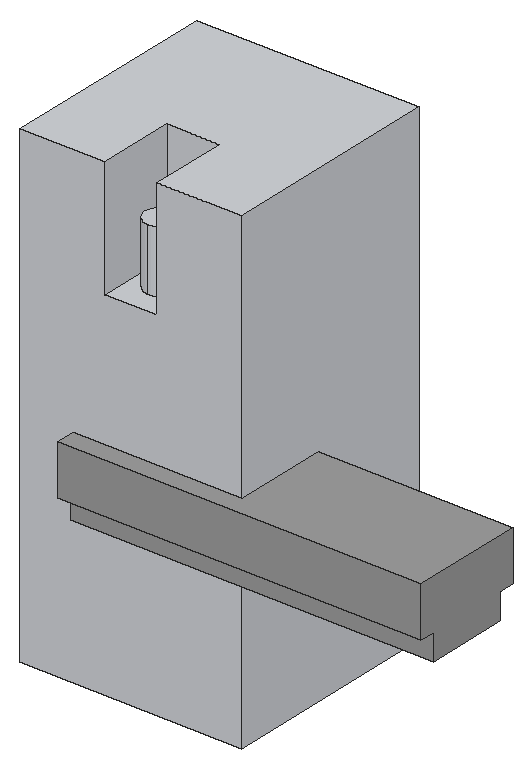
Revit family "Alcon - 15100_Square Spot-Linear", category Generic Models, host Face, Revit 2025
Family settings
  Host = Face
  Can host rebar = No
  Round Connector Dimension = Use Diameter
  Part Type = Normal
  Cut with Voids When Loaded = No
  Maintain Annotation Orientation = No
  Shared = No
  Room Calculation Point = No
Parameters
  URL = "https://www.alconlighting.com/"
  Product Page = ""
  Model = "15100 Square Spot"
  Manufacturer = "Alcon Lighting"
  HOUSING = Default
  Fixture Rotation = 90.00°
  Default Elevation = 4' - 0"
Reference planes (in)
  plane 1 "Center (Front/Back)": y = 0
  plane 2: z = 0
  plane 3 "Center (Left/Right)": x = 0
Forms (in)
  Extrusion 1, solid, material "Default" <- "HOUSING"
    sketch origin (-0.64495, -6.99033, 6.35123) x (0, -1, 0) y (0, 0, -1)
      loop
        line (-6.34033, 5.36282) -> (-6.34033, 5.93211) -> (-6.51937, 5.93211) -> (-6.51937, 6.23212) -> (-7.46129, 6.23212) -> (-7.46129, 5.93211) -> (-7.64033, 5.93211) -> (-7.64033, 5.36282) -> (-6.34033, 5.36282)
    from 0 to 4.13
  Extrusion 2, solid
    sketch origin (-0.64495, -0.65, 0.98841) x (0, 1, 0) y (-1, 0, 0)
      loop
        circle (0.65, -0.64495) r 0.17498
    from 0 to 2.23276
Lines and regions (in)
  reference lines
    curve 1: line (0, -2.5244, 2.86437) -> (0, 2.83495, 2.86437)
Dimensions and locks (in)
  "Fixture Rotation": angle nested 1 to curve 1
  aligned and locked: plane 2 to host face
  aligned and locked: level to host face
Automatic sketch dimensions
  host sketch curve to host sketch curve = 8' - 0"  (x2)
  Extrusion 1 sketch curve to plane 1 "Center (Front/Back)" = 0' - 0.65"
  level to Extrusion 1 sketch curve = 0' - 0.11911"
  Extrusion 1 sketch curve to Extrusion 1 sketch curve = 0' - 0.17904"  (x2)
  plane 1 "Center (Front/Back)" to Extrusion 1 sketch curve = 0' - 0.47096"
  Extrusion 1 sketch curve to Extrusion 1 sketch curve = 0' - 0.30001"  (x2)
  Extrusion 1 sketch curve to Extrusion 1 sketch curve = 0' - 0.56929"
  Extrusion 2 sketch curve to Extrusion 1 = 0' - 0.65"
  Extrusion 1 to Extrusion 2 sketch curve = 0' - 0.64495"
  plane 1 "Center (Front/Back)" to curve 1 = 0' - 2.5244"
  level to curve 1 = 0' - 2.86437"
  curve 1 to plane 1 "Center (Front/Back)" = 0' - 2.83495"
  radius of Extrusion 2 sketch curve = 0' - 0.17498"
Nested families (in)
  nested 1: "Alcon - 15100_Squarel Spot-Linear" at (0, 0, 2.86437) x (0, 0, 1) z (1, 0, 0), type "Alcon - 15100_Squarel Spot-Linear"
    with built-in parameter 1001306 0.1875 (stored number, unit not read)
Definition of nested family "Alcon - 15100_Squarel Spot-Linear"
  Parameters (values of type "Alcon - 15100_Squarel Spot-Linear")
    Wattage = 9.2903 W
    built-in parameter 1150110 = 1 (stored number, unit not read)
    built-in parameter 1114217 = 1 (stored number, unit not read)
    Tilt Angle = 60.00°
    built-in parameter 1150109 = 1 (stored number, unit not read)
    built-in parameter 1150134 = 3
    built-in parameter 1150113 = 1 (stored number, unit not read)
    built-in parameter 1010507 = 1.5708 (stored number, unit not read)
    built-in parameter 1010506 = 0.5236 (stored number, unit not read)
    built-in parameter 1150105 = 4614.1 (stored number, unit not read)
    Lumens = 1380 lm
    built-in parameter 1150115 = 1 (stored number, unit not read)
    Light Source Symbol Length = 10' - 0"
    built-in parameter 1150137 = (empty or 0)
    built-in parameter 1150139 = (empty or 0)
    Lens = none
    built-in parameter 1001306 [instance] = 4' - 0"
    built-in parameter 1150112 = 1 (stored number, unit not read)
    built-in parameter 1150114 = 1 (stored number, unit not read)
    built-in parameter 1150132 = (empty or 0)
    built-in parameter 1150102 = (empty or 0)
    built-in parameter 1150107 = 3200 (stored number, unit not read)
    built-in parameter 1150138 = (empty or 0)
    built-in parameter 1150106 = 46.141 (stored number, unit not read)
    Housing = none
    built-in parameter 1150104 = 13.8 (stored number, unit not read)
    Dimming Lamp Color Temperature Shift = (empty or 0)
    Default Elevation = 0' - 0"
    Color Filter = 16777215
    built-in parameter 1114218 = 1 (stored number, unit not read)
    built-in parameter 1150133 = 10 (stored number, unit not read)
  Reference planes (in)
    plane 1 "Center (Front/Back)": y = 0
    plane 2: z = 0
    plane 3 "Left": x = 0
    plane 4 "Right": x = 48
  Forms (in)
    Extrusion 1, solid, material <- "Housing"
      sketch origin (1, -0.83823, 0) x (0, 0, 1) y (0, 1, 0)
        loop
          line (1.26, 1.26) -> (-1.26, 1.26) -> (-1.26, -1.26) -> (1.26, -1.26) -> (1.26, 1.26)
      from 0 to 5.43
    Extrusion 2, void
      sketch origin (1, 0.1339, -0.9602) x (0, 0, 1) y (0, 1, 0)
        loop
          line (1.26, 0.28787) -> (0.6604, 0.28787) -> (0.6604, -0.59913) -> (1.26, -0.59913) -> (1.26, 0.28787)
      from 0 to 1.35211
    SweptBlend 3, void
      path origin (1, -2.09823, -1.26) x (1, 0, 0) y (0, 1, 0)
        loop
          line (-5.43, 1.26) -> (-4.55028, 1.26)
      profile origin (-4.43, -0.83823, -1.26) x (0, 1, 0) y (0, 0, 1)
        loop
          line (1.1975, 0.0625) -> (1.1975, 2.4575) -> (-1.1975, 2.4575) -> (-1.1975, 0.0625) -> (1.1975, 0.0625)
      end profile origin (-3.55028, -0.83823, -1.26) x (0, 1, 0) y (0, 0, 1)
        loop
          line (0.51, 1.77) -> (-0.51, 1.77) -> (-0.51, 0.75) -> (0.51, 0.75) -> (0.51, 1.77)
    Extrusion 4, void
      sketch origin (-3.55028, -0.83823, 0) x (0, -1, 0) y (0, 0, -1)
        loop
          circle (0, 0) r 0.77884
      from 1.05584 to -0.4543
    Extrusion 5, solid, material <- "Housing"
      sketch origin (-2.49444, -0.83823, 0) x (0, 1, 0) y (0, 0, -1)
        loop
          circle (0, 0) r 0.71634
        loop
          circle (0, 0) r 0.77884
      from 0 to 1.41295
    Extrusion 6, solid, material <- "Lens"
      sketch origin (-3.90739, -0.83823, 0) x (0, 1, 0) y (0, 0, -1)
        loop
          circle (0, 0) r 0.71634
      from -0.1293 to 0
  Cuts and joins
    Extrusion 2, SweptBlend 3, Extrusion 4 cuts Extrusion 1
  Lines and regions (in)
    reference lines
      curve 1: line (1, 0, 0) -> (48, 0, 0)
    model lines
      curve 2: line (0, 0, 0) -> (-15, 0, 0)
  Dimensions and locks (in)
    "built-in parameter 1001306": plane 3 "Left" to plane 4 "Right"
    aligned and locked: plane 4 "Right" to curve 1
    aligned and locked: plane 1 "Center (Front/Back)" to curve 1
    aligned and locked: level to plane 2
  Automatic sketch dimensions
    Extrusion 1 sketch curve to level = 0' - 1.26"
    level to Extrusion 1 sketch curve = 0' - 1.26"
    plane 1 "Center (Front/Back)" to Extrusion 1 sketch curve = 0' - 2.09823"
    Extrusion 1 sketch curve to plane 1 "Center (Front/Back)" = 0' - 0.42177"
    plane 3 "Left" to curve 1 = 0' - 1"
    Extrusion 1 to Extrusion 2 sketch curve = 0' - 1.5598"
    Extrusion 1 to Extrusion 2 sketch curve = 0' - 0.9602"
    Extrusion 1 to Extrusion 2 sketch curve = 0' - 1.633"
    Extrusion 2 sketch curve to Extrusion 2 sketch curve = 0' - 0.887"
    profile plane to SweptBlend 3 sketch curve = 0' - 0 1/16"
    profile plane to SweptBlend 3 sketch curve = 0' - 1.1975"
    SweptBlend 3 sketch curve to profile plane = 0' - 1.1975"
    profile plane to SweptBlend 3 sketch curve = 0' - 2.4575"
    profile plane to SweptBlend 3 sketch curve = 0' - 0 3/4"
    profile plane to SweptBlend 3 sketch curve = 0' - 0.51"
    SweptBlend 3 sketch curve to profile plane = 0' - 0.51"
    profile plane to SweptBlend 3 sketch curve = 0' - 1.77"
    SweptBlend 3 sketch curve to Extrusion 1 = 0' - 0"
    SweptBlend 3 sketch curve to Extrusion 1 = 0' - 1.26"
    SweptBlend 3 sketch curve to Extrusion 1 = 0' - 0.87972"
    SweptBlend 3 to Extrusion 4 sketch curve = 0' - 0.51"  (x2)
    plane 1 "Center (Front/Back)" to curve 2 = 0' - 0"
    curve 2 to plane 3 "Left" = 0' - 0"
    curve 2 to curve 2 = 1' - 3"
    radius of Extrusion 4 sketch curve = 0' - 0.77884"
    radius of Extrusion 5 sketch curve to Extrusion 4 = 0' - 0 1/16"
    radius of Extrusion 5 sketch curve to Extrusion 4 = 0' - 0"
    radius of Extrusion 6 sketch curve to Extrusion 5 = 0' - 0"
